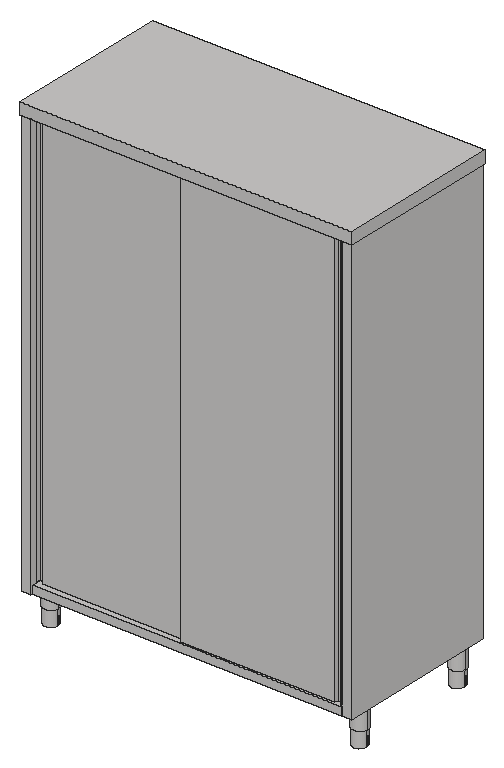
Revit family "QF_ZANUSSI_132890_SASH14N", category Attrezzature speciali, Revit 2020
Family settings
  Quota connettore circolare = Usa diametro
  Tipo di parte = Normale
  Basato su piano di lavoro = No
  Sempre verticale = Sì
  Taglio con vuoti quando caricato = No
  Condiviso = No
  Punto di calcolo locali = No
Parameters (values of type "Standard")
  Weight = 150.00 kg
  Watts = 0 W
  Volts = 0 V
  URL Manufacturer = "http://www.zanussiprofessional.com"
  URL = "http://www.zanussiprofessional.com"
  Steam Supply Size = 0 mm
  Steam Supply Minimum Pressure = 0.0 Pa
  Steam Supply Maximum Pressure = 0.0 Pa
  Steam Consumption per Hour = 0
  Refrigeration Suction Line Size = 0.0 mm
  Refrigeration Liquid Line Size = 0.0 mm
  Refrigerant Compressor Remote = yes
  Prospetto di default = 0.0 mm
  Phase = 0
  Modello = "SASH14N"
  Produttore = "Zanussi"
  Length Actual = 1400.0 mm  # constant formula
  Item Number = "132890"
  Hot Water Size = 0 mm
  Height Actual = 2000.0 mm  # constant formula
  HP = "0 HP"
  Gas Size = 0 mm
  Gas KW = 0
  Gas Input Pressure = 0 W
  Direct Waste Size = 0 mm
  Descrizione = "STORAGE CAB(H=2000)+SLIDING DOORS 1400MM"
  Depth Actual = 700.0 mm  # constant formula
  Cycle = 0 Hz
  Condensate Return Size = 0 mm
  Compressed Air Volume = 0.0 L/s
  Compressed Air Size = 0 mm
  Compressed Air Pressure = 0.0 Pa
  Cold Water Size = 0 mm
  Accessory = yes
Reference planes
  plane 1 "Center (Front/Back)": y = 0
  plane 2: z = 0
  plane 3 "Center (Left/Right)": x = -300
  plane 4 "LEFT": x = -1000
  plane 5 "RIGHT": x = 400
  plane 6 "BACK": y = 350
  plane 7 "FRONT": y = -350
  plane 8 "TOP": z = 2000
  plane 9: x = -952
  plane 10: x = 352
  plane 11: y = 270
  plane 12: y = -247
  plane 13 "FEET": z = 150
  plane 14: x = -954.5
  plane 15: y = -344.5
  plane 16: x = 354.5
  plane 17: x = -326.5
  plane 18: x = -273.5
  plane 19 "BaseTop": z = 1950
  plane 20: x = -994.5
  plane 21: x = 394.5
  plane 22: y = 344.5
Forms (mm)
  Extrusion 1, solid, material "QF_Finishes_Stainless Steel"
    sketch origin (0, 0, 150) x (-1, 0, 0) y (0, -1, 0)
      loop
        line (994.5, -350) -> (994.5, 350) -> (954.5, 350) -> (954.5, -350) -> (994.5, -350)
      loop
        line (-354.5, -350) -> (-354.5, 344.5) -> (-394.5, 344.5) -> (-394.5, -350) -> (-354.5, -350)
    from 0 to 1800
  Extrusion 2, solid, material "QF_Finishes_Stainless Steel"
    sketch origin (0, 0, 150) x (-1, 0, 0) y (0, -1, 0)
      loop
        line (954.5, -347) -> (954.5, 344.5) -> (-354.5, 344.5) -> (-354.5, -347) -> (954.5, -347)
    from 0 to 35
  Extrusion 3, solid, material "QF_Finishes_Stainless Steel"
    sketch origin (0, 0, 150) x (-1, 0, 0) y (0, -1, 0)
      loop
        line (-354.5, -350) -> (954.5, -350) -> (954.5, -327) -> (-354.5, -327) -> (-354.5, -350)
    from 1800 to 35
  Extrusion 4, solid, material "QF_Finishes_Stainless Steel"
    sketch origin (0, 0, 1950) x (-1, 0, 0) y (0, -1, 0)
      loop
        line (1000, 350) -> (-400, 350) -> (-400, -350) -> (1000, -350) -> (1000, 350)
    from 0 to 50
  Extrusion 5, solid, material "QF_Finishes_Stainless Steel"
    sketch origin (33, 0, 150) x (-1, 0, 0) y (0, -1, 0)
      loop
        line (306.5, 324.5) -> (306.5, 304.5) -> (985, 304.5) -> (985, 324.5) -> (983, 324.5) -> (983, 309.5) -> (956.034, 309.5) -> (956.034, 324.5) -> (306.5, 324.5)
    from 1800 to 40
  Extrusion 6, solid, material "QF_Finishes_Stainless Steel"
    sketch origin (-633, 0, 150) x (1, 0, 0) y (0, 1, 0)
      loop
        line (306.5, -344.5) -> (956.034, -344.5) -> (956.034, -329.5) -> (983, -329.5) -> (983, -344.5) -> (985, -344.5) -> (985, -324.5) -> (306.5, -324.5) -> (306.5, -344.5)
    from 1800 to 40
Lines and regions (mm)
  symbolic lines, style "SpecialityEquipment"
    curve 1: line (-1000, 350, 1950) -> (400, 350, 1950)
    curve 2: line (-1000, -350, 1950) -> (-1000, 350, 1950)
    curve 3: line (400, -350, 1950) -> (-1000, -350, 1950)
    curve 4: line (400, 350, 1950) -> (400, -350, 1950)
  symbolic lines, style "SpecialityEquipmentHiddenLines"
    curve 5: line (-1000, -350, 1950) -> (400, 350, 1950)
    curve 6: line (-326.5, -324.5, 200) -> (-326.5, -344.5, 200)
    curve 7: line (-952, -304.5, 1950) -> (-273.5, -304.5, 1950)
    curve 8: line (-273.5, -304.5, 1950) -> (-273.5, -324.5, 1950)
    curve 9: line (-273.5, -324.5, 1950) -> (-952, -324.5, 1950)
    curve 10: line (-952, -324.5, 1950) -> (-952, -304.5, 1950)
    curve 11: line (-326.5, -344.5, 1950) -> (352, -344.5, 1950)
    curve 12: line (352, -344.5, 1950) -> (352, -324.5, 1950)
    curve 13: line (352, -324.5, 1950) -> (-273.5, -324.5, 1950)
Dimensions and locks
  plane 4 "LEFT" to plane 5 "RIGHT" = 1400.0 mm
  equal spacing: plane 4 "LEFT", plane 3 "Center (Left/Right)", plane 5 "RIGHT"
  plane 6 "BACK" to plane 7 "FRONT" = 700.0 mm
  equal spacing: plane 6 "BACK", plane 1 "Center (Front/Back)", plane 7 "FRONT"
  locked: plane 13 "FEET" to level at 150
  locked: plane 4 "LEFT" to plane 9 at 48
  locked: plane 10 to plane 5 "RIGHT" at 48
  locked: plane 6 "BACK" to plane 11 at 80
  locked: plane 12 to plane 7 "FRONT" at 103
  locked: plane 8 "TOP" to level at 2000
  locked: plane 17 to plane 18 at 53
  equal spacing: plane 17, plane 3 "Center (Left/Right)", plane 18
  plane 4 "LEFT" to plane 20 = 5.5 mm
  locked: plane 20 to plane 14 at 40
  locked: plane 16 to plane 21 at 40
  locked: plane 21 to plane 5 "RIGHT" at 5.5
  plane 15 to plane 7 "FRONT" = 5.5 mm  (x2)
  plane 6 "BACK" to plane 22 = 5.5 mm
  locked: plane 8 "TOP" to plane 19 "BaseTop" at 50
  aligned and locked: level to plane 2
  aligned and locked: plane 9 to nested 1
  aligned and locked: plane 10 to nested 2
  aligned and locked: nested 4 to plane 11
  aligned and locked: plane 9 to nested 3
  aligned and locked: nested 3 to plane 11
  aligned and locked: plane 6 "BACK" to Extrusion 1 sketch curve
  aligned and locked: Extrusion 1 sketch curve to plane 6 "BACK"
  aligned and locked: Extrusion 1 sketch curve to plane 7 "FRONT"
  aligned and locked: plane 14 to Extrusion 1
  aligned and locked: Extrusion 2 to plane 14
  aligned and locked: Extrusion 2 to plane 15
  aligned and locked: nested 1 to plane 12
  aligned and locked: nested 2 to plane 12
  aligned and locked: Extrusion 2 sketch curve to plane 16
  aligned and locked: nested 4 to nested 2
  aligned and locked: plane 16 to Extrusion 3
  aligned and locked: Extrusion 3 to plane 14
  aligned and locked: plane 19 "BaseTop" to Extrusion 3
Automatic sketch dimensions
  Extrusion 1 sketch curve to plane 15 = 0.0 mm
  Extrusion 1 sketch curve to plane 21 = 0.0 mm
  Extrusion 1 sketch curve to plane 16 = 0.0 mm
  Extrusion 1 sketch curve to plane 14 = 0.0 mm
  Extrusion 1 sketch curve to plane 20 = 0.0 mm
  Extrusion 2 sketch curve to plane 14 = 0.0 mm
  Extrusion 2 sketch curve to plane 15 = 0.0 mm
  plane 22 to Extrusion 2 sketch curve = 2.5 mm
  curve 6 to plane 15 = 0.0 mm
  curve 6 to plane 17 = 0.0 mm
  plane 15 to curve 6 = 20.0 mm
  Extrusion 3 sketch curve to plane 6 "BACK" = 0.0 mm
  Extrusion 3 sketch curve to plane 16 = 0.0 mm
  Extrusion 3 sketch curve to plane 14 = 0.0 mm
  plane 22 to Extrusion 3 sketch curve = 17.5 mm
  Extrusion 4 sketch curve to plane 5 "RIGHT" = 0.0 mm
  Extrusion 4 sketch curve to plane 4 "LEFT" = 0.0 mm
  Extrusion 4 sketch curve to plane 6 "BACK" = 0.0 mm
  Extrusion 4 sketch curve to plane 7 "FRONT" = 0.0 mm
  Extrusion 5 sketch curve to plane 18 = 0.0 mm
  Extrusion 5 sketch curve to plane 9 = 0.0 mm
  plane 9 to Extrusion 5 sketch curve = 28.966 mm
  plane 9 to Extrusion 5 sketch curve = 2.0 mm
  plane 15 to Extrusion 5 sketch curve = 40.0 mm
  Extrusion 5 sketch curve to Extrusion 5 sketch curve = 5.0 mm
  Extrusion 5 sketch curve to Extrusion 5 sketch curve = 15.0 mm  (x2)
  Extrusion 6 sketch curve to plane 17 = 0.0 mm
  Extrusion 6 sketch curve to plane 15 = 0.0 mm  (x2)
  Extrusion 6 sketch curve to plane 10 = 0.0 mm
  plane 10 to Extrusion 6 sketch curve = 28.966 mm
  Extrusion 6 sketch curve to plane 15 = 15.0 mm
  Extrusion 6 sketch curve to Extrusion 6 sketch curve = 20.0 mm
  Extrusion 6 sketch curve to Extrusion 6 sketch curve = 2.0 mm
  curve 1 to plane 5 "RIGHT" = 0.0 mm
  curve 11 to plane 10 = 0.0 mm
  curve 8 to plane 18 = 0.0 mm
  curve 11 to plane 17 = 0.0 mm
  curve 9 to plane 9 = 0.0 mm
  curve 3 to plane 4 "LEFT" = 0.0 mm
  curve 1 to plane 6 "BACK" = 0.0 mm
  curve 12 to plane 15 = 0.0 mm
  curve 4 to plane 7 "FRONT" = 0.0 mm
  plane 15 to curve 8 = 40.0 mm
  curve 13 to curve 11 = 20.0 mm
Nested families
  nested 1: "FEET_D60-150" at (-952, -247, 0), type "FEET_D60-150"
  nested 2: "FEET_D60-150" at (352, -247, 0), type "FEET_D60-150"
  nested 3: "FEET_D60-150" at (-952, 270, 0), type "FEET_D60-150"
  nested 4: "FEET_D60-150" at (352, 270, 0), type "FEET_D60-150"
Definition of nested family "FEET_D60-150"
  Parameters
    Default Elevation = 0.0 mm
    FEET = 150.0 mm
  Reference planes
    plane 1 "Center (Front/Back)": y = 0
    plane 2: z = 0
    plane 3 "Center (Left/Right)": x = 0
    plane 4: z = 150
  Forms (mm)
    Extrusion 1, solid
      sketch origin (0, 0, 0) x (1, 0, 0) y (0, 1, 0)
        loop
          circle (0, 0) r 28
      from 0 to 67
    Revolve 2, solid
      sketch origin (0, 0, 0) x (1, 0, 0) y (0, 0, 1)
        loop
          line (0, 0) -> (0, 150) -> (-32.939, 150) -> (-32.939, 67) -> (-30, 67) -> (-30, 0) -> (0, 0)
        axis (0, 150) -> (0, 0)
      angle from 0 to 360
  Lines and regions (mm)
    symbolic lines
      curve 1: line (0, -1.503, 0) -> (0, 1.508, 0)
      curve 2: line (1.561, 0, 0) -> (-1.439, 0, 0)
  Dimensions and locks
    "FEET": plane 4 to plane 2
    aligned and locked: level to plane 2
  Automatic sketch dimensions
    plane 1 "Center (Front/Back)" to Extrusion 1 sketch curve = 0.0 mm
    Extrusion 1 sketch curve to plane 3 "Center (Left/Right)" = 0.0 mm
    plane 1 "Center (Front/Back)" to curve 2 = 0.0 mm
    curve 1 to plane 3 "Center (Left/Right)" = 0.0 mm
    curve 2 to plane 3 "Center (Left/Right)" = 1.439 mm
    plane 3 "Center (Left/Right)" to curve 2 = 1.561 mm
    plane 1 "Center (Front/Back)" to curve 1 = 1.503 mm
    curve 1 to plane 1 "Center (Front/Back)" = 1.508 mm
    Revolve 2 sketch curve to plane 4 = 0.0 mm
    Revolve 2 sketch curve to level = 0.0 mm
    Revolve 2 sketch curve to plane 3 "Center (Left/Right)" = 0.0 mm  (x2)
    Revolve 2 sketch curve to plane 3 "Center (Left/Right)" = 30.0 mm
    Revolve 2 sketch curve to plane 3 "Center (Left/Right)" = 32.939 mm
    level to Revolve 2 sketch curve = 67.0 mm
    Revolve 2 sketch curve to level = 42.207 mm
    Revolve 2 sketch curve to Revolve 2 sketch curve = 10.0 mm
    radius of Extrusion 1 sketch curve = 28.0 mm
